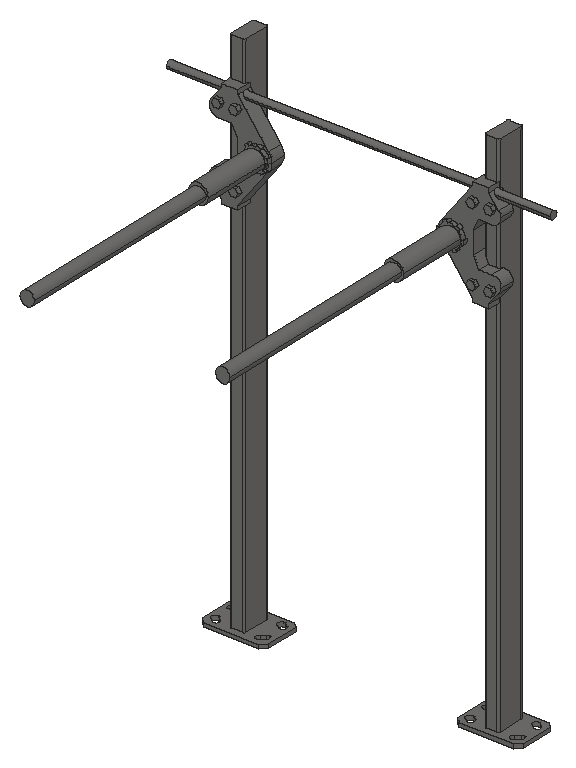
Revit family "Lav-Carrier-Josam-Floor Mounted-17100", category Plumbing Fixtures, Revit 2012
Parameters (values of type "Concealed Arm")
  Width = 2' - 2"  # constant formula
  Unit = Metal - Josam - Anodized- Dark Bronze Satin
  URL = "http://www.josam.com/catalog/JOS/pl=C/17100"
  Product Type = "Concealed Arm"  # constant formula
  Product Page URL = "http://www.josam.com/catalog/line/C"
  Product Line = "Josam"  # constant formula
  Model = "17100"  # constant formula
  Manufacturer Toll Free Phone = "800-365-6726"  # constant formula
  Manufacturer Phone = "800-365-6726"  # constant formula
  Manufacturer Fax = "800-627-0008"  # constant formula
  Manufacturer Email = "custserv@josam.com"
  Manufacturer Address = "525 W. US Hwy 20, Michigan City, IN 46360"  # constant formula
  Manufacturer = "Josam Company"  # constant formula
  Description = "Fixture Carrier - Concealed Arm"  # constant formula
  Default Elevation = 4' - 0"
  Subcategory = "Fixture Carrier"  # constant formula
  Assembly Code = ""
  95 CSI = ""
  04 CSI = "22 40 00"  # constant formula
Reference planes (in)
  plane 1 "Center (Front/Back)": y = 0
  plane 2: z = 0
  plane 3 "Center (Left/Right)": x = 0
  plane 4: x = 13
  plane 5: x = -13
  plane 6: x = -8.63
Dimensions and locks (in)
  equal spacing: plane 5, plane 3 "Center (Left/Right)", plane 4
  "Width": plane 5 to plane 4
  aligned and locked: plane 1 "Center (Front/Back)" to nested 1
  aligned and locked: plane 3 "Center (Left/Right)" to nested 1
  aligned and locked: level to nested 1
Nested families (in)
  nested 1: "17100" at (0, 0, 0), type "17100"
Definition of nested family "17100"
  Parameters (values of type "17100")
    Unit = Metal - Josam - Anodized- Dark Bronze Satin
  Reference planes (in)
    plane 1 "Center (Front/Back)": y = 0
    plane 2: z = 0
    plane 3 "Center (Left/Right)": x = 0
    plane 4: x = 13
    plane 5: x = -13
    plane 6: x = -8.63
  Forms (in)
    Extrusion 1, solid, material "Metal - Josam - Anodized- Dark Bronze Satin" <- "Unit"
      sketch origin (0, 0, 0) x (1, 0, 0) y (0, 1, 0)
        loop
          line (-6.38, -0.31027) -> (-6.38, 1.91027) -> (-6.76973, 2.3) -> (-10.49027, 2.3) -> (-10.88, 1.91027) -> (-10.88, -0.31027) -> (-10.49027, -0.7) -> (-6.76973, -0.7) -> (-6.38, -0.31027)
        loop
          line (6.38, -0.31027) -> (6.76973, -0.7) -> (10.49027, -0.7) -> (10.88, -0.31027) -> (10.88, 1.91027) -> (10.49027, 2.3) -> (6.76973, 2.3) -> (6.38, 1.91027) -> (6.38, -0.31027)
        loop
          arc (-10.51809, 1.70386) -> (-10.54891, 1.35165) -> (-10.1967, 1.32084) r 0.25
          line (-10.1967, 1.32084) -> (-9.93244, 1.54258)
          arc (-9.93244, 1.54258) -> (-9.90163, 1.89479) -> (-10.25383, 1.9256) r 0.25
          line (-10.25383, 1.9256) -> (-10.51809, 1.70386)
        loop
          line (-6.74191, 1.70386) -> (-7.00617, 1.9256)
          arc (-7.00617, 1.9256) -> (-7.35837, 1.89479) -> (-7.32756, 1.54258) r 0.25
          line (-7.32756, 1.54258) -> (-7.0633, 1.32084)
          arc (-7.0633, 1.32084) -> (-6.71109, 1.35165) -> (-6.74191, 1.70386) r 0.25
        loop
          line (-10.51809, -0.10384) -> (-10.25383, -0.32558)
          arc (-10.25383, -0.32558) -> (-9.90163, -0.29477) -> (-9.93244, 0.05744) r 0.25
          line (-9.93244, 0.05744) -> (-10.1967, 0.27918)
          arc (-10.1967, 0.27918) -> (-10.54891, 0.24837) -> (-10.51809, -0.10384) r 0.25
        loop
          arc (-6.74191, -0.10384) -> (-6.71109, 0.24837) -> (-7.0633, 0.27918) r 0.25
          line (-7.0633, 0.27918) -> (-7.32756, 0.05744)
          arc (-7.32756, 0.05744) -> (-7.35837, -0.29477) -> (-7.00617, -0.32558) r 0.25
          line (-7.00617, -0.32558) -> (-6.74191, -0.10384)
        loop
          line (10.51809, 1.70386) -> (10.25383, 1.9256)
          arc (10.25383, 1.9256) -> (9.90163, 1.89479) -> (9.93244, 1.54258) r 0.25
          line (9.93244, 1.54258) -> (10.1967, 1.32084)
          arc (10.1967, 1.32084) -> (10.54891, 1.35165) -> (10.51809, 1.70386) r 0.25
        loop
          arc (6.74191, 1.70386) -> (6.71109, 1.35165) -> (7.0633, 1.32084) r 0.25
          line (7.0633, 1.32084) -> (7.32756, 1.54258)
          arc (7.32756, 1.54258) -> (7.35837, 1.89479) -> (7.00617, 1.9256) r 0.25
          line (7.00617, 1.9256) -> (6.74191, 1.70386)
        loop
          arc (10.51809, -0.10384) -> (10.54891, 0.24837) -> (10.1967, 0.27918) r 0.25
          line (10.1967, 0.27918) -> (9.93244, 0.05744)
          arc (9.93244, 0.05744) -> (9.90163, -0.29477) -> (10.25383, -0.32558) r 0.25
          line (10.25383, -0.32558) -> (10.51809, -0.10384)
        loop
          line (6.74191, -0.10384) -> (7.00617, -0.32558)
          arc (7.00617, -0.32558) -> (7.35837, -0.29477) -> (7.32756, 0.05744) r 0.25
          line (7.32756, 0.05744) -> (7.0633, 0.27918)
          arc (7.0633, 0.27918) -> (6.71109, 0.24837) -> (6.74191, -0.10384) r 0.25
      from 0 to 0.25
    Extrusion 2, solid, material "Metal - Josam - Anodized- Dark Bronze Satin" <- "Unit"
      sketch origin (0, 0, 0) x (1, 0, 0) y (0, 1, 0)
        loop
          line (-8.2706, 1.8) -> (-8.98937, 1.8)
          arc (-8.98937, 1.8) -> (-9.08881, 1.75881) -> (-9.13, 1.65938) r 0.14063
          line (-9.13, 1.65938) -> (-9.13, -0.05937)
          arc (-9.13, -0.05937) -> (-9.08881, -0.15881) -> (-8.98937, -0.2) r 0.14063
          line (-8.98937, -0.2) -> (-8.27062, -0.2)
          arc (-8.27062, -0.2) -> (-8.17119, -0.15881) -> (-8.13, -0.05937) r 0.14063
          line (-8.13, -0.05937) -> (-8.13, 1.6594)
          arc (-8.13, 1.6594) -> (-8.17118, 1.75882) -> (-8.2706, 1.8) r 0.1406
        loop
          arc (8.2706, 1.8) -> (8.17118, 1.75882) -> (8.13, 1.6594) r 0.1406
          line (8.13, 1.6594) -> (8.13, -0.05937)
          arc (8.13, -0.05937) -> (8.17119, -0.15881) -> (8.27063, -0.2) r 0.14063
          line (8.27063, -0.2) -> (8.98938, -0.2)
          arc (8.98938, -0.2) -> (9.08881, -0.15881) -> (9.13, -0.05937) r 0.14063
          line (9.13, -0.05937) -> (9.13, 1.65938)
          arc (9.13, 1.65938) -> (9.08881, 1.75881) -> (8.98938, 1.8) r 0.14063
          line (8.98938, 1.8) -> (8.2706, 1.8)
      from 0.25 to 36.25
    Extrusion 3, solid, material "Metal - Josam - Anodized- Dark Bronze Satin" <- "Unit"
      sketch origin (0, 0, 0) x (1, 0, 0) y (0, 0, 1)
        loop
          line (-5.83241, 30.5832) -> (-7.94, 33.37) -> (-7.94, 33.63) -> (-9.07, 33.63) -> (-9.07, 33.37) -> (-9.74129, 32.51634)
          arc (-9.74129, 32.51634) -> (-9.81218, 31.8569) -> (-9.25, 31.505) r 0.625
          line (-9.25, 31.505) -> (-8.37, 31.505) -> (-8, 30.72) -> (-8, 29.24) -> (-8.37, 28.455) -> (-9.25, 28.455)
          arc (-9.25, 28.455) -> (-9.81218, 28.1031) -> (-9.74129, 27.44366) r 0.625
          line (-9.74129, 27.44366) -> (-9.07, 26.59) -> (-9.07, 26.33) -> (-7.94, 26.33) -> (-7.94, 26.59) -> (-5.83241, 29.3768)
          arc (-5.83241, 29.3768) -> (-5.68195, 29.66187) -> (-5.63, 29.98) r 1
          arc (-5.63, 29.98) -> (-5.68195, 30.29813) -> (-5.83241, 30.5832) r 1
        loop
          line (7.94, 33.37) -> (5.83241, 30.5832)
          arc (5.83241, 30.5832) -> (5.63, 29.98) -> (5.83241, 29.3768) r 1
          line (5.83241, 29.3768) -> (7.94, 26.59) -> (7.94, 26.33) -> (9.07, 26.33) -> (9.07, 26.59) -> (9.74129, 27.44366)
          arc (9.74129, 27.44366) -> (9.84063, 27.62559) -> (9.875, 27.83) r 0.625
          arc (9.875, 27.83) -> (9.69194, 28.27194) -> (9.25, 28.455) r 0.625
          line (9.25, 28.455) -> (8.37, 28.455) -> (8, 29.24) -> (8, 30.72) -> (8.37, 31.505) -> (9.25, 31.505)
          arc (9.25, 31.505) -> (9.69194, 31.68806) -> (9.875, 32.13) r 0.625
          arc (9.875, 32.13) -> (9.84063, 32.33441) -> (9.74129, 32.51634) r 0.625
          line (9.74129, 32.51634) -> (9.07, 33.37) -> (9.07, 33.63) -> (7.94, 33.63) -> (7.94, 33.37)
      from 0 to 0.98
    Extrusion 4, solid, material "Metal - Josam - Anodized- Dark Bronze Satin" <- "Unit"
      sketch origin (0, 0, 0) x (1, 0, 0) y (0, 0, 1)
        loop
          circle (-6.63107, 29.98339) r 0.66549
        loop
          circle (6.63107, 29.98339) r 0.66549
      from 0.98 to 5.98
    Extrusion 5, solid, material "Metal - Josam - Anodized- Dark Bronze Satin" <- "Unit"
      sketch origin (0, 0, 0) x (1, 0, 0) y (0, 0, 1)
        loop
          circle (-6.63107, 29.98339) r 0.48077
        loop
          circle (6.63107, 29.98339) r 0.48077
      from 5.98 to 20.48
    Extrusion 6, solid, material "Metal - Josam - Anodized- Dark Bronze Satin" <- "Unit"
      sketch origin (0, 0, 0) x (0, 1, 0) y (0, 0, 1)
        loop
          circle (-0.4507, 33.16085) r 0.25
      from -13 to 13
    Extrusion 7, solid, material "Metal - Josam - Anodized- Dark Bronze Satin" <- "Unit", detail levels fine
      sketch origin (0, 0, 0) x (1, 0, 0) y (0, 0, 1)
        loop
          line (-8.9076, 32.4848) -> (-9.06465, 32.75682) -> (-9.37875, 32.75682) -> (-9.53579, 32.4848) -> (-9.37875, 32.21279) -> (-9.06465, 32.21279) -> (-8.9076, 32.4848)
      from 0.98 to 1.24906
    Extrusion 8, solid, material "Metal - Josam - Anodized- Dark Bronze Satin" <- "Unit", detail levels fine
      sketch origin (-17.26, 0, 0) x (-1, 0, 0) y (0, 0, -1)
        loop
          line (-8.9076, -32.4848) -> (-9.06465, -32.21279) -> (-9.37875, -32.21279) -> (-9.53579, -32.4848) -> (-9.37875, -32.75682) -> (-9.06465, -32.75682) -> (-8.9076, -32.4848)
      from 0.98 to 1.24906
    Extrusion 9, solid, material "Metal - Josam - Anodized- Dark Bronze Satin" <- "Unit", detail levels fine
      sketch origin (0, 0, -5) x (1, 0, 0) y (0, 0, 1)
        loop
          line (-8.9076, 32.4848) -> (-9.06465, 32.75682) -> (-9.37875, 32.75682) -> (-9.53579, 32.4848) -> (-9.37875, 32.21279) -> (-9.06465, 32.21279) -> (-8.9076, 32.4848)
      from 0.98 to 1.24906
    Extrusion 10, solid, material "Metal - Josam - Anodized- Dark Bronze Satin" <- "Unit", detail levels fine
      sketch origin (-17.26, 0, -5) x (-1, 0, 0) y (0, 0, -1)
        loop
          line (-8.9076, -32.4848) -> (-9.06465, -32.21279) -> (-9.37875, -32.21279) -> (-9.53579, -32.4848) -> (-9.37875, -32.75682) -> (-9.06465, -32.75682) -> (-8.9076, -32.4848)
      from 0.98 to 1.24906
    Extrusion 11, solid, material "Metal - Josam - Anodized- Dark Bronze Satin" <- "Unit", detail levels fine
      sketch origin (0, 0, 0) x (-1, 0, 0) y (0, 0, -1)
        loop
          line (-8.9076, -32.4848) -> (-9.06465, -32.21279) -> (-9.37875, -32.21279) -> (-9.53579, -32.4848) -> (-9.37875, -32.75682) -> (-9.06465, -32.75682) -> (-8.9076, -32.4848)
      from 0.98 to 1.24906
    Extrusion 12, solid, material "Metal - Josam - Anodized- Dark Bronze Satin" <- "Unit", detail levels fine
      sketch origin (17.26, 0, 0) x (1, 0, 0) y (0, 0, 1)
        loop
          line (-8.9076, 32.4848) -> (-9.06465, 32.75682) -> (-9.37875, 32.75682) -> (-9.53579, 32.4848) -> (-9.37875, 32.21279) -> (-9.06465, 32.21279) -> (-8.9076, 32.4848)
      from 0.98 to 1.24906
    Extrusion 13, solid, material "Metal - Josam - Anodized- Dark Bronze Satin" <- "Unit", detail levels fine
      sketch origin (0, 0, -5) x (-1, 0, 0) y (0, 0, -1)
        loop
          line (-8.9076, -32.4848) -> (-9.06465, -32.21279) -> (-9.37875, -32.21279) -> (-9.53579, -32.4848) -> (-9.37875, -32.75682) -> (-9.06465, -32.75682) -> (-8.9076, -32.4848)
      from 0.98 to 1.24906
    Extrusion 14, solid, material "Metal - Josam - Anodized- Dark Bronze Satin" <- "Unit", detail levels fine
      sketch origin (17.26, 0, -5) x (1, 0, 0) y (0, 0, 1)
        loop
          line (-8.9076, 32.4848) -> (-9.06465, 32.75682) -> (-9.37875, 32.75682) -> (-9.53579, 32.4848) -> (-9.37875, 32.21279) -> (-9.06465, 32.21279) -> (-8.9076, 32.4848)
      from 0.98 to 1.24906
    Extrusion 15, solid, material "Metal - Josam - Anodized- Dark Bronze Satin" <- "Unit", detail levels fine
      sketch origin (0, 0, 0) x (1, 0, 0) y (0, 0, 1)
        loop
          arc (-7.20965, 30.52192) -> (-7.35819, 30.27953) -> (-7.41, 30) r 0.78
          line (-7.41, 30) -> (-7.5455, 30)
          arc (-7.5455, 30) -> (-7.53423, 29.85678) -> (-7.50069, 29.7171) r 0.9155
          line (-7.50069, 29.7171) -> (-7.37182, 29.75897)
          arc (-7.37182, 29.75897) -> (-7.23617, 29.50913) -> (-7.02, 29.3245) r 0.78
          line (-7.02, 29.3245) -> (-7.08775, 29.20715)
          arc (-7.08775, 29.20715) -> (-6.96986, 29.14992) -> (-6.845, 29.1101) r 0.9155
          line (-6.845, 29.1101) -> (-6.79221, 29.23705)
          arc (-6.79221, 29.23705) -> (-6.508, 29.2296) -> (-6.24, 29.3245) r 0.78
          line (-6.24, 29.3245) -> (-6.17225, 29.20715)
          arc (-6.17225, 29.20715) -> (-6.05386, 29.28852) -> (-5.94965, 29.38741) r 0.9155
          line (-5.94965, 29.38741) -> (-6.04562, 29.48338)
          arc (-6.04562, 29.48338) -> (-5.90054, 29.72379) -> (-5.85, 30) r 0.78
          line (-5.85, 30) -> (-5.7145, 30)
          arc (-5.7145, 30) -> (-5.72577, 30.14322) -> (-5.75931, 30.28291) r 0.9155
          line (-5.75931, 30.28291) -> (-5.88794, 30.24106)
          arc (-5.88794, 30.24106) -> (-6.02366, 30.49096) -> (-6.23995, 30.67559) r 0.77997
          line (-6.23995, 30.67559) -> (-6.17225, 30.79285)
          arc (-6.17225, 30.79285) -> (-6.30169, 30.85461) -> (-6.43918, 30.89539) r 0.9155
          line (-6.43918, 30.89539) -> (-6.4711, 30.7635)
          arc (-6.4711, 30.7635) -> (-6.75338, 30.76949) -> (-7.01929, 30.6746) r 0.77993
          line (-7.01929, 30.6746) -> (-7.08775, 30.79285)
          arc (-7.08775, 30.79285) -> (-7.20614, 30.71148) -> (-7.31035, 30.61259) r 0.9155
          line (-7.31035, 30.61259) -> (-7.20965, 30.52192)
        loop
          circle (-6.63107, 29.98339) r 0.66549
      from 0.98 to 1.24906
    Extrusion 16, solid, material "Metal - Josam - Anodized- Dark Bronze Satin" <- "Unit", detail levels fine
      sketch origin (0, 0, 0) x (-1, 0, 0) y (0, 0, -1)
        loop
          line (-7.20965, -30.52192) -> (-7.31035, -30.61259)
          arc (-7.31035, -30.61259) -> (-7.20614, -30.71148) -> (-7.08775, -30.79285) r 0.9155
          line (-7.08775, -30.79285) -> (-7.01929, -30.6746)
          arc (-7.01929, -30.6746) -> (-6.75338, -30.76949) -> (-6.4711, -30.7635) r 0.77993
          line (-6.4711, -30.7635) -> (-6.43918, -30.89539)
          arc (-6.43918, -30.89539) -> (-6.30169, -30.85461) -> (-6.17225, -30.79285) r 0.9155
          line (-6.17225, -30.79285) -> (-6.23995, -30.67559)
          arc (-6.23995, -30.67559) -> (-6.02366, -30.49096) -> (-5.88794, -30.24106) r 0.77997
          line (-5.88794, -30.24106) -> (-5.75931, -30.28291)
          arc (-5.75931, -30.28291) -> (-5.72577, -30.14322) -> (-5.7145, -30) r 0.9155
          line (-5.7145, -30) -> (-5.85, -30)
          arc (-5.85, -30) -> (-5.90054, -29.72379) -> (-6.04562, -29.48338) r 0.78
          line (-6.04562, -29.48338) -> (-5.94965, -29.38741)
          arc (-5.94965, -29.38741) -> (-6.05386, -29.28852) -> (-6.17225, -29.20715) r 0.9155
          line (-6.17225, -29.20715) -> (-6.24, -29.3245)
          arc (-6.24, -29.3245) -> (-6.508, -29.2296) -> (-6.79221, -29.23705) r 0.78
          line (-6.79221, -29.23705) -> (-6.845, -29.1101)
          arc (-6.845, -29.1101) -> (-6.96986, -29.14992) -> (-7.08775, -29.20715) r 0.9155
          line (-7.08775, -29.20715) -> (-7.02, -29.3245)
          arc (-7.02, -29.3245) -> (-7.23617, -29.50913) -> (-7.37182, -29.75897) r 0.78
          line (-7.37182, -29.75897) -> (-7.50069, -29.7171)
          arc (-7.50069, -29.7171) -> (-7.53423, -29.85678) -> (-7.5455, -30) r 0.9155
          line (-7.5455, -30) -> (-7.41, -30)
          arc (-7.41, -30) -> (-7.35819, -30.27953) -> (-7.20965, -30.52192) r 0.78
        loop
          circle (-6.63107, -29.98339) r 0.66549
      from 0.98 to 1.24906
  Cuts and joins
    joined: Extrusion 3, Extrusion 4, Extrusion 6
  Lines and regions (in)
    symbolic lines
      curve 1: line (-5.83241, 0, 30.5832) -> (-7.94, 0, 33.37)
      curve 2: line (-7.94, 0, 33.37) -> (-7.94, 0, 33.63)
      curve 3: line (-7.94, 0, 33.63) -> (-9.07, 0, 33.63)
      curve 4: line (-9.07, 0, 33.63) -> (-9.07, 0, 33.37)
      curve 5: line (-9.07, 0, 33.37) -> (-9.74129, 0, 32.51634)
      curve 6: arc (-9.74129, 0, 32.51634) -> (-9.81218, 0, 31.8569) -> (-9.25, 0, 31.505) r 0.625
      curve 7: line (-9.25, 0, 31.505) -> (-8.37, 0, 31.505)
      curve 8: line (-8.37, 0, 31.505) -> (-8, 0, 30.72)
      curve 9: line (-8, 0, 30.72) -> (-8, 0, 29.24)
      curve 10: line (-8, 0, 29.24) -> (-8.37, 0, 28.455)
      curve 11: line (-8.37, 0, 28.455) -> (-9.25, 0, 28.455)
      curve 12: arc (-9.25, 0, 28.455) -> (-9.81218, 0, 28.1031) -> (-9.74129, 0, 27.44366) r 0.625
      curve 13: line (-9.74129, 0, 27.44366) -> (-9.07, 0, 26.59)
      curve 14: line (-9.07, 0, 26.59) -> (-9.07, 0, 26.33)
      curve 15: line (-9.07, 0, 26.33) -> (-7.94, 0, 26.33)
      curve 16: line (-7.94, 0, 26.33) -> (-7.94, 0, 26.59)
      curve 17: line (-7.94, 0, 26.59) -> (-5.83241, 0, 29.3768)
      curve 18: arc (-5.83241, 0, 29.3768) -> (-5.68195, 0, 29.66187) -> (-5.63, 0, 29.98) r 1
      curve 19: arc (-5.63, 0, 29.98) -> (-5.68195, 0, 30.29813) -> (-5.83241, 0, 30.5832) r 1
      curve 20: line (-9.13, 0, 36.25) -> (-9.13, 0, 33.41085)
      curve 21: line (-8.13, 0, 33.63) -> (-8.13, 0, 36.25)
      curve 22: line (-8.13, 0, 36.25) -> (-9.13, 0, 36.25)
      curve 23: line (-13, 0, 33.41085) -> (-9.07, 0, 33.41085)
      curve 24: line (-13, 0, 32.91085) -> (-9.43106, 0, 32.91085)
      curve 25: line (-13, 0, 32.91085) -> (-13, 0, 33.41085)
      curve 26: line (-7.94, 0, 33.41085) -> (7.94, 0, 33.41085)
      curve 27: line (7.58927, 0, 32.90624) -> (-7.58927, 0, 32.90624)
      curve 28: line (9.13, 0, 33.41085) -> (13, 0, 33.41085)
      curve 29: line (13, 0, 33.41085) -> (13, 0, 32.91085)
      curve 30: line (13, 0, 32.91085) -> (9.43106, 0, 32.91085)
      curve 31: line (9.13, 0, 36.25) -> (9.13, 0, 33.41085)
      curve 32: line (8.13, 0, 33.63) -> (8.13, 0, 36.25)
      curve 33: line (8.13, 0, 36.25) -> (9.13, 0, 36.25)
      curve 34: line (7.94, 0, 33.37) -> (5.83241, 0, 30.5832)
      curve 35: arc (5.83241, 0, 30.5832) -> (5.63, 0, 29.98) -> (5.83241, 0, 29.3768) r 1
      curve 36: line (5.83241, 0, 29.3768) -> (7.94, 0, 26.59)
      curve 37: line (7.94, 0, 26.59) -> (7.94, 0, 26.33)
      curve 38: line (7.94, 0, 26.33) -> (9.07, 0, 26.33)
      curve 39: line (9.07, 0, 26.33) -> (9.07, 0, 26.59)
      curve 40: line (9.07, 0, 26.59) -> (9.74129, 0, 27.44366)
      curve 41: arc (9.74129, 0, 27.44366) -> (9.84063, 0, 27.62559) -> (9.875, 0, 27.83) r 0.625
      curve 42: arc (9.875, 0, 27.83) -> (9.69194, 0, 28.27194) -> (9.25, 0, 28.455) r 0.625
      curve 43: line (9.25, 0, 28.455) -> (8.37, 0, 28.455)
      curve 44: line (8.37, 0, 28.455) -> (8, 0, 29.24)
      curve 45: line (8, 0, 29.24) -> (8, 0, 30.72)
      curve 46: line (8, 0, 30.72) -> (8.37, 0, 31.505)
      curve 47: line (8.37, 0, 31.505) -> (9.25, 0, 31.505)
      curve 48: arc (9.25, 0, 31.505) -> (9.69194, 0, 31.68806) -> (9.875, 0, 32.13) r 0.625
      curve 49: arc (9.875, 0, 32.13) -> (9.84063, 0, 32.33441) -> (9.74129, 0, 32.51634) r 0.625
      curve 50: line (9.74129, 0, 32.51634) -> (9.07, 0, 33.37)
      curve 51: line (9.07, 0, 33.37) -> (9.07, 0, 33.63)
      curve 52: line (9.07, 0, 33.63) -> (7.94, 0, 33.63)
      curve 53: line (7.94, 0, 33.63) -> (7.94, 0, 33.37)
      curve 102: arc (5.96559, 0, 29.98339) -> (6.63107, 0, 29.3179) -> (7.29656, 0, 29.98339) r 0.66549
      curve 103: arc (7.29656, 0, 29.98339) -> (6.63107, 0, 30.64888) -> (5.96559, 0, 29.98339) r 0.66549
      curve 104: arc (6.1503, 0, 29.98339) -> (6.63107, 0, 29.50262) -> (7.11184, 0, 29.98339) r 0.48077
      curve 105: arc (7.11184, 0, 29.98339) -> (6.63107, 0, 30.46416) -> (6.1503, 0, 29.98339) r 0.48077
      curve 142: arc (-7.29656, 0, 29.98339) -> (-6.63107, 0, 30.64888) -> (-5.96559, 0, 29.98339) r 0.66549
      curve 143: arc (-5.96559, 0, 29.98339) -> (-6.63107, 0, 29.3179) -> (-7.29656, 0, 29.98339) r 0.66549
      curve 144: arc (-6.1503, 0, 29.98339) -> (-6.63107, 0, 30.46416) -> (-7.11184, 0, 29.98339) r 0.48077
      curve 145: arc (-7.11184, 0, 29.98339) -> (-6.63107, 0, 29.50262) -> (-6.1503, 0, 29.98339) r 0.48077
      curve 158: line (-9.13, 0, 28.455) -> (-9.13, 0, 31.455)
      curve 159: line (-8.13, 0, 28.96419) -> (-8.13, 0, 30.99581)
      curve 160: line (9.13066, 0, 26.66714) -> (9.13066, 0, 0.25673)
      curve 161: line (8.13, 0, 0.25) -> (8.13, 0, 26.33)
      curve 162: line (6.38, 0, 0.25) -> (10.88, 0, 0.25)
      curve 163: line (6.38, 0, 0) -> (6.38, 0, 0.25)
      curve 164: line (10.88, 0, 0) -> (6.38, 0, 0)
      curve 165: line (10.88, 0, 0.25) -> (10.88, 0, 0)
      curve 166: line (10.49027, 0, 0) -> (10.49027, 0, 0.25)
      curve 167: line (6.76973, 0, 0) -> (6.76973, 0, 0.25)
      curve 168: line (-10.88, 0, 0.25) -> (-6.38, 0, 0.25)
      curve 169: line (-10.88, 0, 0) -> (-10.88, 0, 0.25)
      curve 170: line (-6.38, 0, 0) -> (-10.88, 0, 0)
      curve 171: line (-6.38, 0, 0.25) -> (-6.38, 0, 0)
      curve 172: line (-9.13066, 0, 26.66714) -> (-9.13066, 0, 0.25673)
      curve 173: line (-8.13, 0, 0.25) -> (-8.13, 0, 26.33)
      curve 174: line (-10.49027, 0, 0) -> (-10.49027, 0, 0.25)
      curve 175: line (-6.76973, 0, 0) -> (-6.76973, 0, 0.25)
      curve 176: line (0, -20.48, 29.50262) -> (0, -5.98, 29.50262)
      curve 177: line (0, -20.48, 30.46416) -> (0, -20.48, 29.50262)
      curve 178: line (0, -5.98, 30.46416) -> (0, -20.48, 30.46416)
      curve 179: line (0, -1.24906, 29.31766) -> (0, -5.98, 29.31766)
      curve 181: line (0, -5.98, 30.64888) -> (0, -1.24906, 30.64888)
      curve 182: line (0, -5.98, 29.31766) -> (0, -5.98, 30.64888)
      curve 185: line (0, 0, 33.63) -> (0, -0.98, 33.63)
      curve 186: line (0, -0.98, 33.63) -> (0, -0.98, 26.33)
      curve 187: line (0, -0.98, 26.33) -> (0, -0.17459, 26.33)
      curve 188: line (0, 1.8, 36.25) -> (0, -0.2, 36.25)
      curve 189: line (0, 1.8, 36.25) -> (0, 1.8, 0.25)
      curve 190: line (0, 2.3, 0) -> (0, 2.3, 0.25)
      curve 191: line (0, 2.3, 0.25) -> (0, -0.7, 0.25)
      curve 192: line (0, -0.7, 0.25) -> (0, -0.7, 0)
      curve 193: line (0, -0.32558, 0) -> (0, -0.32558, 0.25)
      curve 194: line (0, 1.91027, 0) -> (0, 1.91027, 0.25)
      curve 195: line (0, -0.2, 0.25) -> (0, -0.2, 26.33)
      curve 196: line (0, -0.17459, 26.33) -> (0, -0.17459, 26.59)
      curve 197: line (0, -0.17459, 26.59) -> (0, -0.98, 26.59)
      curve 198: spline (0, -0.06608, 26.6663) -> (0, -0.07845, 26.66401) -> (0, -0.0905, 26.66084) -> (0, -0.10213, 26.65681) -> (0, -0.11324, 26.65195) -> (0, -0.12374, 26.64632) -> (0, -0.13354, 26.63996) -> (0, -0.14255, 26.63291) -> (0, -0.15071, 26.62525) -> (0, -0.15793, 26.61703) -> (0, -0.16417, 26.60832) -> (0, -0.16936, 26.5992) -> (0, -0.17346, 26.58974)
      curve 199: line (0, 0, 26.6663) -> (0, -0.06608, 26.6663)
      curve 200: line (0, 0, 26.6663) -> (0, 0, 33.63)
      curve 201: line (0, 0, 28.455) -> (0, -0.98, 28.455)
      curve 202: line (0, -0.2, 28.455) -> (0, -0.2, 31.505)
      curve 203: line (0, -0.2, 29.24) -> (0, -0.98, 29.24)
      curve 204: line (0, -0.98, 30.67559) -> (0, -0.2, 30.67559)
      curve 205: arc (0, -0.7007, 33.16085) -> (0, -0.2007, 33.16086) -> (0, -0.7007, 33.16085) r 0.25
      curve 206: line (0, -0.98, 31.505) -> (0, 0, 31.505)
      curve 207: line (0, -0.17459, 33.63) -> (0, -0.17459, 33.3735)
      curve 208: spline (0, -0.17459, 33.3735) -> (0, -0.17074, 33.36369) -> (0, -0.16573, 33.3542) -> (0, -0.1596, 33.34513) -> (0, -0.15241, 33.33655) -> (0, -0.14422, 33.32855) -> (0, -0.13511, 33.32118) -> (0, -0.12516, 33.31453) -> (0, -0.11445, 33.30864) -> (0, -0.10309, 33.30357) -> (0, -0.09116, 33.29937) -> (0, -0.07879, 33.29607) -> (0, -0.06608, 33.2937)
      curve 209: line (0, -0.06608, 33.2937) -> (0, 0, 33.2937)
      curve 210: line (0, -0.17459, 33.37) -> (0, -0.31374, 33.37)
      curve 211: line (0, -0.58766, 33.37) -> (0, -0.98, 33.37)
      curve 212: line (0, -0.2, 33.63) -> (0, -0.2, 36.25)
      curve 227: line (-6.76973, 2.3, 0) -> (-10.49027, 2.3, 0)
      curve 228: line (-10.49027, 2.3, 0) -> (-10.88, 1.91027, 0)
      curve 229: line (-10.88, 1.91027, 0) -> (-10.88, -0.2007, 0)
      curve 230: line (-9.93244, 1.54258, 0) -> (-10.1967, 1.32084, 0)
      curve 231: arc (-10.1967, 1.32084, 0) -> (-10.54891, 1.35165, 0) -> (-10.51809, 1.70386, 0) r 0.25
      curve 232: line (-10.51809, 1.70386, 0) -> (-10.25383, 1.9256, 0)
      curve 233: arc (-10.25383, 1.9256, 0) -> (-9.90163, 1.89479, 0) -> (-9.93244, 1.54258, 0) r 0.25
      curve 234: line (-7.0633, 1.32084, 0) -> (-7.32756, 1.54258, 0)
      curve 235: arc (-7.32756, 1.54258, 0) -> (-7.35837, 1.89479, 0) -> (-7.00617, 1.9256, 0) r 0.25
      curve 236: line (-7.00617, 1.9256, 0) -> (-6.74191, 1.70386, 0)
      curve 237: arc (-6.74191, 1.70386, 0) -> (-6.71109, 1.35165, 0) -> (-7.0633, 1.32084, 0) r 0.25
      curve 238: line (-8.13, -0.05937, 0) -> (-8.13, 1.6594, 0)
      curve 239: arc (-8.13, 1.6594, 0) -> (-8.17118, 1.75882, 0) -> (-8.2706, 1.8, 0) r 0.1406
      curve 240: line (-8.2706, 1.8, 0) -> (-8.98937, 1.8, 0)
      curve 241: arc (-8.98937, 1.8, 0) -> (-9.08881, 1.75881, 0) -> (-9.13, 1.65938, 0) r 0.14063
      curve 242: line (-9.13, 1.65938, 0) -> (-9.13, -0.05937, 0)
      curve 243: arc (-9.13, -0.05937, 0) -> (-9.08881, -0.15881, 0) -> (-8.98937, -0.2, 0) r 0.14063
      curve 244: line (-8.98937, -0.2, 0) -> (-8.27062, -0.2, 0)
      curve 245: arc (-8.27062, -0.2, 0) -> (-8.17119, -0.15881, 0) -> (-8.13, -0.05937, 0) r 0.14063
      curve 246: line (-10.1967, 0.27918, 0) -> (-9.93244, 0.05744, 0)
      curve 247: arc (-10.51809, -0.10384, 0) -> (-10.54891, 0.24837, 0) -> (-10.1967, 0.27918, 0) r 0.25
      curve 248: line (-10.40266, -0.2007, 0) -> (-10.51809, -0.10384, 0)
      curve 249: line (-13, -0.2007, 0) -> (-9.07, -0.2007, 0)
      curve 250: line (-9.875, -0.01194, 0) -> (-9.875, -0.2007, 0)
      curve 251: arc (-9.93244, 0.05744, 0) -> (-9.90057, 0.02536, 0) -> (-9.875, -0.01194, 0) r 0.25
      curve 252: line (-13, -0.7007, 0) -> (-9.07, -0.7007, 0)
      curve 253: line (-9.07, -0.17459, 0) -> (-9.07, -0.98, 0)
      curve 254: line (-7.94, -0.98, 0) -> (-7.94, 0, 0)
      curve 255: line (-9.875, -0.98, 0) -> (9.875, -0.98, 0)
      curve 256: line (-9.13, 0, 0) -> (-9.88213, 0, 0)
      curve 257: line (-8.13, 0, 0) -> (-5.63, 0, 0)
      curve 258: line (-5.63, 0, 0) -> (-5.63, -0.20848, 0)
      curve 259: line (-5.63, -0.98, 0) -> (-5.63, -0.73, 0)
      curve 260: line (-7.94, -0.20108, 0) -> (7.94, -0.20108, 0)
      curve 261: line (7.94, -0.70031, 0) -> (-7.94, -0.70031, 0)
      curve 262: line (-9.875, -0.98, 0) -> (-9.875, -0.7007, 0)
      curve 285: line (-6.1503, -5.98, 0) -> (-7.29656, -5.98, 0)
      curve 286: line (-6.1503, -20.48, 0) -> (-6.1503, -5.98, 0)
      curve 287: line (-7.11184, -20.48, 0) -> (-6.1503, -20.48, 0)
      curve 288: line (-7.11184, -5.98, 0) -> (-7.11184, -20.48, 0)
      curve 289: line (-7.29656, -5.98, 0) -> (-7.29656, -1.24906, 0)
      curve 290: line (-5.96559, -5.98, 0) -> (-5.96559, -1.24906, 0)
      curve 291: line (-7.32756, 0.05744, 0) -> (-7.0633, 0.27918, 0)
      curve 292: arc (-7.0633, 0.27918, 0) -> (-6.75826, 0.2918, 0) -> (-6.66848, 0, 0) r 0.25
      curve 293: arc (-7.37787, 0, 0) -> (-7.35492, 0.03065, 0) -> (-7.32756, 0.05744, 0) r 0.25
      curve 294: line (6.76973, 2.3, 0) -> (10.49027, 2.3, 0)
      curve 295: line (10.49027, 2.3, 0) -> (10.88, 1.91027, 0)
      curve 296: line (10.88, 1.91027, 0) -> (10.88, -0.2007, 0)
      curve 297: line (9.93244, 1.54258, 0) -> (10.1967, 1.32084, 0)
      curve 298: arc (10.1967, 1.32084, 0) -> (10.54891, 1.35165, 0) -> (10.51809, 1.70386, 0) r 0.25
      curve 299: line (10.51809, 1.70386, 0) -> (10.25383, 1.9256, 0)
      curve 300: arc (10.25383, 1.9256, 0) -> (9.90163, 1.89479, 0) -> (9.93244, 1.54258, 0) r 0.25
      curve 301: line (7.0633, 1.32084, 0) -> (7.32756, 1.54258, 0)
      curve 302: arc (7.32756, 1.54258, 0) -> (7.35837, 1.89479, 0) -> (7.00617, 1.9256, 0) r 0.25
      curve 303: line (7.00617, 1.9256, 0) -> (6.74191, 1.70386, 0)
      curve 304: arc (6.74191, 1.70386, 0) -> (6.71109, 1.35165, 0) -> (7.0633, 1.32084, 0) r 0.25
      curve 305: line (8.13, -0.05937, 0) -> (8.13, 1.6594, 0)
      curve 306: arc (8.13, 1.6594, 0) -> (8.17118, 1.75882, 0) -> (8.2706, 1.8, 0) r 0.1406
      curve 307: line (8.2706, 1.8, 0) -> (8.98938, 1.8, 0)
      curve 308: arc (8.98938, 1.8, 0) -> (9.08881, 1.75881, 0) -> (9.13, 1.65938, 0) r 0.14063
      curve 309: line (9.13, 1.65938, 0) -> (9.13, -0.05937, 0)
      curve 310: arc (9.13, -0.05937, 0) -> (9.08881, -0.15881, 0) -> (8.98938, -0.2, 0) r 0.14063
      curve 311: line (8.98938, -0.2, 0) -> (8.27063, -0.2, 0)
      curve 312: arc (8.27063, -0.2, 0) -> (8.17119, -0.15881, 0) -> (8.13, -0.05937, 0) r 0.14063
      curve 313: line (10.1967, 0.27918, 0) -> (9.93244, 0.05744, 0)
      curve 314: arc (10.51809, -0.10384, 0) -> (10.54891, 0.24837, 0) -> (10.1967, 0.27918, 0) r 0.25
      curve 315: line (10.40266, -0.2007, 0) -> (10.51809, -0.10384, 0)
      curve 316: line (13, -0.2007, 0) -> (9.07, -0.2007, 0)
      curve 317: line (9.875, -0.01194, 0) -> (9.875, -0.2007, 0)
      curve 318: arc (9.93244, 0.05744, 0) -> (9.90057, 0.02536, 0) -> (9.875, -0.01194, 0) r 0.25
      curve 319: line (13, -0.7007, 0) -> (9.07, -0.7007, 0)
      curve 320: line (9.07, -0.17459, 0) -> (9.07, -0.98, 0)
      curve 321: line (7.94, -0.98, 0) -> (7.94, 0, 0)
      curve 322: line (9.13, 0, 0) -> (9.88213, 0, 0)
      curve 323: line (8.13, 0, 0) -> (5.63, 0, 0)
      curve 324: line (5.63, 0, 0) -> (5.63, -0.20848, 0)
      curve 325: line (5.63, -0.98, 0) -> (5.63, -0.73, 0)
      curve 326: line (9.875, -0.98, 0) -> (9.875, -0.7007, 0)
      curve 349: line (6.1503, -5.98, 0) -> (7.29656, -5.98, 0)
      curve 350: line (6.1503, -20.48, 0) -> (6.1503, -5.98, 0)
      curve 351: line (7.11184, -20.48, 0) -> (6.1503, -20.48, 0)
      curve 352: line (7.11184, -5.98, 0) -> (7.11184, -20.48, 0)
      curve 353: line (7.29656, -5.98, 0) -> (7.29656, -1.23, 0)
      curve 354: line (5.96559, -5.98, 0) -> (5.96559, -1.24906, 0)
      curve 355: line (7.32756, 0.05744, 0) -> (7.0633, 0.27918, 0)
      curve 356: arc (7.0633, 0.27918, 0) -> (6.75826, 0.2918, 0) -> (6.66848, 0, 0) r 0.25
      curve 357: arc (7.37787, 0, 0) -> (7.35492, 0.03065, 0) -> (7.32756, 0.05744, 0) r 0.25
      curve 358: line (-6.38, 0, 0) -> (-6.38, 1.91027, 0)
      curve 359: line (-6.38, 1.91027, 0) -> (-6.76973, 2.3, 0)
      curve 360: line (6.38, 1.91027, 0) -> (6.38, 0, 0)
      curve 361: line (6.76973, 2.3, 0) -> (6.38, 1.91027, 0)
      curve 368: line (13, -0.2007, 0) -> (13, -0.7007, 0)
      curve 369: line (-13, -0.7007, 0) -> (-13, -0.2007, 0)
    symbolic lines, detail levels fine
      curve 54: line (7.88125, 0, 32.21279) -> (8.19535, 0, 32.21279)
      curve 55: line (8.19535, 0, 32.21279) -> (8.3524, 0, 32.4848)
      curve 56: line (8.3524, 0, 32.4848) -> (8.19535, 0, 32.75682)
      curve 57: line (8.19535, 0, 32.75682) -> (7.88125, 0, 32.75682)
      curve 58: line (7.88125, 0, 32.75682) -> (7.72421, 0, 32.4848)
      curve 59: line (7.72421, 0, 32.4848) -> (7.88125, 0, 32.21279)
      curve 60: line (9.06465, 0, 32.21279) -> (9.37875, 0, 32.21279)
      curve 61: line (9.37875, 0, 32.21279) -> (9.53579, 0, 32.4848)
      curve 62: line (9.53579, 0, 32.4848) -> (9.37875, 0, 32.75682)
      curve 63: line (9.37875, 0, 32.75682) -> (9.06465, 0, 32.75682)
      curve 64: line (9.06465, 0, 32.75682) -> (8.9076, 0, 32.4848)
      curve 65: line (8.9076, 0, 32.4848) -> (9.06465, 0, 32.21279)
      curve 66: line (9.53579, 0, 27.4848) -> (9.37875, 0, 27.75682)
      curve 67: line (9.37875, 0, 27.75682) -> (9.06465, 0, 27.75682)
      curve 68: line (9.06465, 0, 27.75682) -> (8.9076, 0, 27.4848)
      curve 69: line (8.9076, 0, 27.4848) -> (9.06465, 0, 27.21279)
      curve 70: line (9.06465, 0, 27.21279) -> (9.37875, 0, 27.21279)
      curve 71: line (9.37875, 0, 27.21279) -> (9.53579, 0, 27.4848)
      curve 72: line (7.88125, 0, 27.21279) -> (8.19535, 0, 27.21279)
      curve 73: line (8.19535, 0, 27.21279) -> (8.3524, 0, 27.4848)
      curve 74: line (8.3524, 0, 27.4848) -> (8.19535, 0, 27.75682)
      curve 75: line (8.19535, 0, 27.75682) -> (7.88125, 0, 27.75682)
      curve 76: line (7.88125, 0, 27.75682) -> (7.72421, 0, 27.4848)
      curve 77: line (7.72421, 0, 27.4848) -> (7.88125, 0, 27.21279)
      curve 106: line (-9.06465, 0, 27.75682) -> (-9.37875, 0, 27.75682)
      curve 107: line (-9.37875, 0, 27.75682) -> (-9.53579, 0, 27.4848)
      curve 108: line (-9.53579, 0, 27.4848) -> (-9.37875, 0, 27.21279)
      curve 109: line (-9.37875, 0, 27.21279) -> (-9.06465, 0, 27.21279)
      curve 110: line (-9.06465, 0, 27.21279) -> (-8.9076, 0, 27.4848)
      curve 111: line (-8.9076, 0, 27.4848) -> (-9.06465, 0, 27.75682)
      curve 112: line (-7.88125, 0, 27.75682) -> (-8.19535, 0, 27.75682)
      curve 113: line (-8.19535, 0, 27.75682) -> (-8.3524, 0, 27.4848)
      curve 114: line (-8.3524, 0, 27.4848) -> (-8.19535, 0, 27.21279)
      curve 115: line (-8.19535, 0, 27.21279) -> (-7.88125, 0, 27.21279)
      curve 116: line (-7.88125, 0, 27.21279) -> (-7.72421, 0, 27.4848)
      curve 117: line (-7.72421, 0, 27.4848) -> (-7.88125, 0, 27.75682)
      curve 146: line (-9.37875, 0, 32.21279) -> (-9.06465, 0, 32.21279)
      curve 147: line (-9.06465, 0, 32.21279) -> (-8.9076, 0, 32.4848)
      curve 148: line (-8.9076, 0, 32.4848) -> (-9.06465, 0, 32.75682)
      curve 149: line (-9.06465, 0, 32.75682) -> (-9.37875, 0, 32.75682)
      curve 150: line (-9.37875, 0, 32.75682) -> (-9.53579, 0, 32.4848)
      curve 151: line (-9.53579, 0, 32.4848) -> (-9.37875, 0, 32.21279)
      curve 152: line (-8.19535, 0, 32.21279) -> (-7.88125, 0, 32.21279)
      curve 153: line (-7.88125, 0, 32.21279) -> (-7.72421, 0, 32.4848)
      curve 154: line (-7.72421, 0, 32.4848) -> (-7.88125, 0, 32.75682)
      curve 155: line (-7.88125, 0, 32.75682) -> (-8.19535, 0, 32.75682)
      curve 156: line (-8.19535, 0, 32.75682) -> (-8.3524, 0, 32.4848)
      curve 157: line (-8.3524, 0, 32.4848) -> (-8.19535, 0, 32.21279)
      curve 213: line (0, -0.98, 32.75682) -> (0, -1.24906, 32.75682)
      curve 214: line (0, -0.98, 32.21279) -> (0, -1.24906, 32.21279)
      curve 215: line (0, -1.24906, 32.21279) -> (0, -1.24906, 32.75682)
      curve 216: line (0, -0.98, 27.75682) -> (0, -1.24906, 27.75682)
      curve 217: line (0, -1.24906, 27.75682) -> (0, -1.24906, 27.21279)
      curve 218: line (0, -1.24906, 27.21279) -> (0, -0.98, 27.21279)
      curve 219: line (0, -1.24906, 27.4848) -> (0, -0.98, 27.4848)
      curve 220: line (0, -1.24906, 32.4848) -> (0, -0.98, 32.4848)
      curve 263: line (-9.53579, -0.98, 0) -> (-9.53579, -1.24906, 0)
      curve 264: line (-9.53579, -1.24906, 0) -> (-8.9076, -1.24906, 0)
      curve 265: line (-8.9076, -1.24906, 0) -> (-8.9076, -0.98, 0)
      curve 266: line (-9.06465, -1.24906, 0) -> (-9.06465, -0.98, 0)
      curve 267: line (-9.37875, -0.98, 0) -> (-9.37875, -1.24906, 0)
      curve 268: line (-8.19535, -0.98, 0) -> (-8.19535, -1.24906, 0)
      curve 269: line (-7.88125, -1.24906, 0) -> (-7.88125, -0.98, 0)
      curve 270: line (-7.72421, -1.24906, 0) -> (-7.72421, -0.98, 0)
      curve 271: line (-8.3524, -1.24906, 0) -> (-7.72421, -1.24906, 0)
      curve 272: line (-8.3524, -1.24906, 0) -> (-8.3524, -0.98, 0)
      curve 327: line (9.53579, -0.98, 0) -> (9.53579, -1.24906, 0)
      curve 328: line (9.53579, -1.24906, 0) -> (8.9076, -1.24906, 0)
      curve 329: line (8.9076, -1.24906, 0) -> (8.9076, -0.98, 0)
      curve 330: line (9.06465, -1.24906, 0) -> (9.06465, -0.98, 0)
      curve 331: line (9.37875, -0.98, 0) -> (9.37875, -1.24906, 0)
      curve 332: line (8.19535, -0.98, 0) -> (8.19535, -1.24906, 0)
      curve 333: line (7.88125, -1.24906, 0) -> (7.88125, -0.98, 0)
      curve 334: line (7.72421, -1.24906, 0) -> (7.72421, -0.98, 0)
      curve 335: line (8.3524, -1.24906, 0) -> (7.72421, -1.24906, 0)
      curve 336: line (8.3524, -1.24906, 0) -> (8.3524, -0.98, 0)
    symbolic lines, detail levels medium+fine
      curve 78: arc (7.02, 0, 29.3245) -> (7.23617, 0, 29.50913) -> (7.37182, 0, 29.75897) r 0.78
      curve 79: line (7.37182, 0, 29.75897) -> (7.50069, 0, 29.7171)
      curve 80: arc (7.50069, 0, 29.7171) -> (7.53423, 0, 29.85678) -> (7.5455, 0, 30) r 0.9155
      curve 81: line (7.5455, 0, 30) -> (7.41, 0, 30)
      curve 82: arc (7.41, 0, 30) -> (7.35819, 0, 30.27953) -> (7.20965, 0, 30.52192) r 0.78
      curve 83: line (7.20965, 0, 30.52192) -> (7.31035, 0, 30.61259)
      curve 84: arc (7.31035, 0, 30.61259) -> (7.20614, 0, 30.71148) -> (7.08775, 0, 30.79285) r 0.9155
      curve 85: line (7.08775, 0, 30.79285) -> (7.01929, 0, 30.6746)
      curve 86: arc (7.01929, 0, 30.6746) -> (6.75338, 0, 30.76949) -> (6.4711, 0, 30.7635) r 0.77993
      curve 87: line (6.4711, 0, 30.7635) -> (6.43918, 0, 30.89539)
      curve 88: arc (6.43918, 0, 30.89539) -> (6.30169, 0, 30.85461) -> (6.17225, 0, 30.79285) r 0.9155
      curve 89: line (6.17225, 0, 30.79285) -> (6.23995, 0, 30.67559)
      curve 90: arc (6.23995, 0, 30.67559) -> (6.02366, 0, 30.49096) -> (5.88794, 0, 30.24106) r 0.77997
      curve 91: line (5.88794, 0, 30.24106) -> (5.75931, 0, 30.28291)
      curve 92: arc (5.75931, 0, 30.28291) -> (5.72577, 0, 30.14322) -> (5.7145, 0, 30) r 0.9155
      curve 93: line (5.7145, 0, 30) -> (5.85, 0, 30)
      curve 94: arc (5.85, 0, 30) -> (5.90054, 0, 29.72379) -> (6.04562, 0, 29.48338) r 0.78
      curve 95: line (6.04562, 0, 29.48338) -> (5.94965, 0, 29.38741)
      curve 96: arc (5.94965, 0, 29.38741) -> (6.05386, 0, 29.28852) -> (6.17225, 0, 29.20715) r 0.9155
      curve 97: line (6.17225, 0, 29.20715) -> (6.24, 0, 29.3245)
      curve 98: arc (6.24, 0, 29.3245) -> (6.508, 0, 29.2296) -> (6.79221, 0, 29.23705) r 0.78
      curve 99: line (6.79221, 0, 29.23705) -> (6.845, 0, 29.1101)
      curve 100: arc (6.845, 0, 29.1101) -> (6.96986, 0, 29.14992) -> (7.08775, 0, 29.20715) r 0.9155
      curve 101: line (7.08775, 0, 29.20715) -> (7.02, 0, 29.3245)
      curve 118: arc (-6.4711, 0, 30.7635) -> (-6.75338, 0, 30.76949) -> (-7.01929, 0, 30.6746) r 0.77993
      curve 119: line (-7.01929, 0, 30.6746) -> (-7.08775, 0, 30.79285)
      curve 120: arc (-7.08775, 0, 30.79285) -> (-7.20614, 0, 30.71148) -> (-7.31035, 0, 30.61259) r 0.9155
      curve 121: line (-7.31035, 0, 30.61259) -> (-7.20965, 0, 30.52192)
      curve 122: arc (-7.20965, 0, 30.52192) -> (-7.35819, 0, 30.27953) -> (-7.41, 0, 30) r 0.78
      curve 123: line (-7.41, 0, 30) -> (-7.5455, 0, 30)
      curve 124: arc (-7.5455, 0, 30) -> (-7.53423, 0, 29.85678) -> (-7.50069, 0, 29.7171) r 0.9155
      curve 125: line (-7.50069, 0, 29.7171) -> (-7.37182, 0, 29.75897)
      curve 126: arc (-7.37182, 0, 29.75897) -> (-7.23617, 0, 29.50913) -> (-7.02, 0, 29.3245) r 0.78
      curve 127: line (-7.02, 0, 29.3245) -> (-7.08775, 0, 29.20715)
      curve 128: arc (-7.08775, 0, 29.20715) -> (-6.96986, 0, 29.14992) -> (-6.845, 0, 29.1101) r 0.9155
      curve 129: line (-6.845, 0, 29.1101) -> (-6.79221, 0, 29.23705)
      curve 130: arc (-6.79221, 0, 29.23705) -> (-6.508, 0, 29.2296) -> (-6.24, 0, 29.3245) r 0.78
      curve 131: line (-6.24, 0, 29.3245) -> (-6.17225, 0, 29.20715)
      curve 132: arc (-6.17225, 0, 29.20715) -> (-6.05386, 0, 29.28852) -> (-5.94965, 0, 29.38741) r 0.9155
      curve 133: line (-5.94965, 0, 29.38741) -> (-6.04562, 0, 29.48338)
      curve 134: arc (-6.04562, 0, 29.48338) -> (-5.90054, 0, 29.72379) -> (-5.85, 0, 30) r 0.78
      curve 135: line (-5.85, 0, 30) -> (-5.7145, 0, 30)
      curve 136: arc (-5.7145, 0, 30) -> (-5.72577, 0, 30.14322) -> (-5.75931, 0, 30.28291) r 0.9155
      curve 137: line (-5.75931, 0, 30.28291) -> (-5.88794, 0, 30.24106)
      curve 138: arc (-5.88794, 0, 30.24106) -> (-6.02366, 0, 30.49096) -> (-6.23995, 0, 30.67559) r 0.77997
      curve 139: line (-6.23995, 0, 30.67559) -> (-6.17225, 0, 30.79285)
      curve 140: arc (-6.17225, 0, 30.79285) -> (-6.30169, 0, 30.85461) -> (-6.43918, 0, 30.89539) r 0.9155
      curve 141: line (-6.43918, 0, 30.89539) -> (-6.4711, 0, 30.7635)
      curve 180: line (0, -1.24906, 30.89539) -> (0, -1.24906, 29.1101)
      curve 183: line (0, -1.24906, 29.1101) -> (0, -0.98, 29.1101)
      curve 184: line (0, -0.98, 30.89539) -> (0, -1.24906, 30.89539)
      curve 221: line (0, -1.24906, 30.52192) -> (0, -0.98, 30.52192)
      curve 222: line (0, -0.98, 30.61259) -> (0, -1.24906, 30.61259)
      curve 223: line (0, -0.98, 30.79285) -> (0, -1.24906, 30.79285)
      curve 224: line (0, -1.24906, 30.00275) -> (0, -0.98, 30.00275)
      curve 225: line (0, -0.98, 29.7171) -> (0, -1.24906, 29.7171)
      curve 226: line (0, -1.24906, 29.20715) -> (0, -0.98, 29.20715)
      curve 273: line (-5.7145, -0.98, 0) -> (-5.7145, -1.24906, 0)
      curve 274: line (-7.5455, -1.24906, 0) -> (-5.7145, -1.24906, 0)
      curve 275: line (-7.5455, -0.98, 0) -> (-7.5455, -1.24906, 0)
      curve 276: line (-7.41, -1.24906, 0) -> (-7.41, -0.98, 0)
      curve 277: line (-7.31035, -0.98, 0) -> (-7.31035, -1.24906, 0)
      curve 278: line (-7.08775, -0.98, 0) -> (-7.08775, -1.24906, 0)
      curve 279: line (-7.01929, -0.98, 0) -> (-7.01929, -1.24906, 0)
      curve 280: line (-6.4711, -0.98, 0) -> (-6.4711, -1.24906, 0)
      curve 281: line (-6.43918, -0.98, 0) -> (-6.43918, -1.24906, 0)
      curve 282: line (-6.17225, -0.98, 0) -> (-6.17225, -1.24906, 0)
      curve 283: line (-5.88794, -0.98, 0) -> (-5.88794, -1.24906, 0)
      curve 284: line (-5.75931, -0.98, 0) -> (-5.75931, -1.24906, 0)
      curve 337: line (5.7145, -0.98, 0) -> (5.7145, -1.24906, 0)
      curve 338: line (7.5455, -1.24906, 0) -> (5.7145, -1.24906, 0)
      curve 339: line (7.5455, -0.98, 0) -> (7.5455, -1.24906, 0)
      curve 340: line (7.41, -1.24906, 0) -> (7.41, -0.98, 0)
      curve 341: line (7.31035, -0.98, 0) -> (7.31035, -1.24906, 0)
      curve 342: line (7.08775, -0.98, 0) -> (7.08775, -1.24906, 0)
      curve 343: line (7.01929, -0.98, 0) -> (7.01929, -1.24906, 0)
      curve 344: line (6.4711, -0.98, 0) -> (6.4711, -1.24906, 0)
      curve 345: line (6.43918, -0.98, 0) -> (6.43918, -1.24906, 0)
      curve 346: line (6.17225, -0.98, 0) -> (6.17225, -1.24906, 0)
      curve 347: line (5.88794, -0.98, 0) -> (5.88794, -1.24906, 0)
      curve 348: line (5.75931, -0.98, 0) -> (5.75931, -1.24906, 0)
    symbolic lines, detail levels coarse
      curve 362: line (-7.29656, -1.24906, 0) -> (-7.29656, -0.98, 0)
      curve 363: line (-5.96559, -1.24906, 0) -> (-5.96559, -0.98, 0)
      curve 364: line (7.29656, -1.24906, 0) -> (7.29656, -0.98, 0)
      curve 365: line (5.96559, -1.24906, 0) -> (5.96559, -0.98, 0)
      curve 366: line (0, -1.24906, 30.64888) -> (0, -0.98, 30.64888)
      curve 367: line (0, -1.24906, 29.31766) -> (0, -0.98, 29.31766)
  Dimensions and locks (in)
    equal spacing: plane 5, plane 3 "Center (Left/Right)", plane 4
    plane 5 to plane 4 = 2' - 2"
    aligned and locked: Extrusion 1 to level
  Automatic sketch dimensions
    plane 1 "Center (Front/Back)" to Extrusion 1 sketch curve = 0' - 0.31027"  (x4)
    plane 5 to Extrusion 1 sketch curve = 0' - 2.12"
    plane 1 "Center (Front/Back)" to Extrusion 1 sketch curve = 0' - 0.10384"  (x4)
    Extrusion 1 sketch curve to Extrusion 1 sketch curve = 0' - 0.36191"  (x6)
    Extrusion 1 sketch curve to Extrusion 1 sketch curve = 0' - 0.38973"  (x5)
    Extrusion 1 sketch curve to Extrusion 1 sketch curve = 0' - 0.1607"  (x28)
    Extrusion 1 sketch curve to plane 1 "Center (Front/Back)" = 0' - 0.08767"  (x4)
    Extrusion 1 sketch curve to Extrusion 1 sketch curve = 0' - 0.26426"  (x8)
    Extrusion 1 sketch curve to plane 1 "Center (Front/Back)" = 0' - 0.27918"  (x4)
    Extrusion 1 sketch curve to plane 1 "Center (Front/Back)" = 0' - 0.05744"  (x4)
    Extrusion 1 sketch curve to plane 6 = 0' - 1.30244"  (x2)
    plane 1 "Center (Front/Back)" to Extrusion 1 sketch curve = 0' - 0.32558"  (x4)
    plane 1 "Center (Front/Back)" to Extrusion 1 sketch curve = 0' - 0.7"
    Extrusion 1 sketch curve to Extrusion 1 sketch curve = 0' - 0.23643"  (x4)
    plane 3 "Center (Left/Right)" to Extrusion 1 sketch curve = 0' - 6.38"
    Extrusion 1 sketch curve to plane 1 "Center (Front/Back)" = 0' - 2.3"
    Extrusion 1 sketch curve to plane 1 "Center (Front/Back)" = 0' - 1.32084"  (x2)
    Extrusion 1 sketch curve to Extrusion 1 sketch curve = 0' - 2.60488"
    Extrusion 1 sketch curve to Extrusion 1 sketch curve = 0' - 0"
    Extrusion 1 sketch curve to plane 1 "Center (Front/Back)" = 0' - 1.70386"
    Extrusion 1 sketch curve to Extrusion 1 sketch curve = 0' - 1.04166"  (x2)
    Extrusion 1 sketch curve to Extrusion 1 sketch curve = 0' - 0.19151"  (x7)
    Extrusion 1 sketch curve to Extrusion 1 sketch curve = 0' - 0.22174"  (x4)
    Extrusion 1 sketch curve to Extrusion 1 sketch curve = 0' - 0.2064"  (x4)
    Extrusion 1 sketch curve to Extrusion 1 sketch curve = 0' - 0.3744"
    plane 6 to Extrusion 2 sketch curve = 0' - 0 1/2"
    Extrusion 2 sketch curve to Extrusion 2 sketch curve = 0' - 0 9/64"  (x4)
    plane 1 "Center (Front/Back)" to Extrusion 2 sketch curve = 0' - 0.2"
    Extrusion 2 sketch curve to plane 6 = 0' - 0 23/64"
    Extrusion 2 sketch curve to plane 6 = 0' - 0.3594"
    Extrusion 2 sketch curve to Extrusion 2 sketch curve = 0' - 0.1406"  (x2)
    plane 1 "Center (Front/Back)" to Extrusion 2 sketch curve = 0' - 0.05938"
    plane 4 to Extrusion 2 sketch curve = 0' - 4.87"
    Extrusion 2 sketch curve to Extrusion 2 sketch curve = 0' - 0.71877"
    Extrusion 2 sketch curve to Extrusion 2 sketch curve = 0' - 0 23/32"
    Extrusion 2 sketch curve to plane 1 "Center (Front/Back)" = 0' - 1.65938"  (x2)
    curve 18 to curve 19 = 0' - 0"  (x2)
    curve 41 to curve 42 = 0' - 0"  (x2)
    curve 48 to curve 49 = 0' - 0"  (x2)
    curve 78 to curve 80 = 0' - 0"  (x2)
    curve 78 to curve 82 = 0' - 0"  (x2)
    curve 78 to curve 84 = 0' - 0"  (x2)
    curve 78 to curve 88 = 0' - 0"  (x2)
    curve 78 to curve 92 = 0' - 0"  (x2)
    curve 78 to curve 94 = 0' - 0"  (x2)
    curve 78 to curve 96 = 0' - 0"  (x2)
    curve 78 to curve 98 = 0' - 0"  (x2)
    curve 78 to curve 100 = 0' - 0"  (x2)
    curve 80 to curve 82 = 0' - 0"  (x2)
    curve 80 to curve 84 = 0' - 0"  (x2)
    curve 80 to curve 88 = 0' - 0"  (x2)
    curve 80 to curve 92 = 0' - 0"  (x2)
    curve 80 to curve 94 = 0' - 0"  (x2)
    curve 80 to curve 96 = 0' - 0"  (x2)
    curve 80 to curve 98 = 0' - 0"  (x2)
    curve 80 to curve 100 = 0' - 0"  (x2)
    curve 82 to curve 84 = 0' - 0"  (x2)
    curve 82 to curve 88 = 0' - 0"  (x2)
    curve 82 to curve 92 = 0' - 0"  (x2)
    curve 82 to curve 94 = 0' - 0"  (x2)
    curve 82 to curve 96 = 0' - 0"  (x2)
    curve 82 to curve 98 = 0' - 0"  (x2)
    curve 82 to curve 100 = 0' - 0"  (x2)
    curve 84 to curve 88 = 0' - 0"  (x2)
    curve 84 to curve 92 = 0' - 0"  (x2)
    curve 84 to curve 94 = 0' - 0"  (x2)
    curve 84 to curve 96 = 0' - 0"  (x2)
    curve 84 to curve 98 = 0' - 0"  (x2)
    curve 84 to curve 100 = 0' - 0"  (x2)
    curve 88 to curve 92 = 0' - 0"  (x2)
    curve 88 to curve 94 = 0' - 0"  (x2)
    curve 88 to curve 96 = 0' - 0"  (x2)
    curve 88 to curve 98 = 0' - 0"  (x2)
    curve 88 to curve 100 = 0' - 0"  (x2)
    curve 92 to curve 94 = 0' - 0"  (x2)
    curve 92 to curve 96 = 0' - 0"  (x2)
    curve 92 to curve 98 = 0' - 0"  (x2)
    curve 92 to curve 100 = 0' - 0"  (x2)
    curve 94 to curve 96 = 0' - 0"  (x2)
    curve 94 to curve 98 = 0' - 0"  (x2)
    curve 94 to curve 100 = 0' - 0"  (x2)
    curve 96 to curve 98 = 0' - 0"  (x2)
    curve 96 to curve 100 = 0' - 0"  (x2)
    curve 98 to curve 100 = 0' - 0"  (x2)
    curve 102 to curve 103 = 0' - 0"  (x2)
    curve 102 to curve 104 = 0' - 0"  (x2)
    curve 102 to curve 105 = 0' - 0"  (x2)
    curve 103 to curve 104 = 0' - 0"  (x2)
    curve 103 to curve 105 = 0' - 0"  (x2)
    curve 104 to curve 105 = 0' - 0"  (x2)
    curve 120 to curve 122 = 0' - 0"  (x2)
    curve 120 to curve 124 = 0' - 0"  (x2)
    curve 120 to curve 126 = 0' - 0"  (x2)
    curve 120 to curve 128 = 0' - 0"  (x2)
    curve 120 to curve 130 = 0' - 0"  (x2)
    curve 120 to curve 132 = 0' - 0"  (x2)
    curve 120 to curve 134 = 0' - 0"  (x2)
    curve 120 to curve 136 = 0' - 0"  (x2)
    curve 120 to curve 140 = 0' - 0"  (x2)
    curve 122 to curve 124 = 0' - 0"  (x2)
    curve 122 to curve 126 = 0' - 0"  (x2)
    curve 122 to curve 128 = 0' - 0"  (x2)
    curve 122 to curve 130 = 0' - 0"  (x2)
    curve 122 to curve 132 = 0' - 0"  (x2)
    curve 122 to curve 134 = 0' - 0"  (x2)
    curve 122 to curve 136 = 0' - 0"  (x2)
    curve 122 to curve 140 = 0' - 0"  (x2)
    curve 124 to curve 126 = 0' - 0"  (x2)
    curve 124 to curve 128 = 0' - 0"  (x2)
    curve 124 to curve 130 = 0' - 0"  (x2)
    curve 124 to curve 132 = 0' - 0"  (x2)
    curve 124 to curve 134 = 0' - 0"  (x2)
    curve 124 to curve 136 = 0' - 0"  (x2)
    curve 124 to curve 140 = 0' - 0"  (x2)
    curve 126 to curve 128 = 0' - 0"  (x2)
    curve 126 to curve 130 = 0' - 0"  (x2)
    curve 126 to curve 132 = 0' - 0"  (x2)
    curve 126 to curve 134 = 0' - 0"  (x2)
    curve 126 to curve 136 = 0' - 0"  (x2)
    curve 126 to curve 140 = 0' - 0"  (x2)
    curve 128 to curve 130 = 0' - 0"  (x2)
    curve 128 to curve 132 = 0' - 0"  (x2)
    curve 128 to curve 134 = 0' - 0"  (x2)
    curve 128 to curve 136 = 0' - 0"  (x2)
    curve 128 to curve 140 = 0' - 0"  (x2)
    curve 130 to curve 132 = 0' - 0"  (x2)
    curve 130 to curve 134 = 0' - 0"  (x2)
    curve 130 to curve 136 = 0' - 0"  (x2)
    curve 130 to curve 140 = 0' - 0"  (x2)
    curve 132 to curve 134 = 0' - 0"  (x2)
    curve 132 to curve 136 = 0' - 0"  (x2)
    curve 132 to curve 140 = 0' - 0"  (x2)
    curve 134 to curve 136 = 0' - 0"  (x2)
    curve 134 to curve 140 = 0' - 0"  (x2)
    curve 136 to curve 140 = 0' - 0"  (x2)
    curve 142 to curve 143 = 0' - 0"  (x2)
    curve 142 to curve 144 = 0' - 0"  (x2)
    curve 142 to curve 145 = 0' - 0"  (x2)
    curve 143 to curve 144 = 0' - 0"  (x2)
    curve 143 to curve 145 = 0' - 0"  (x2)
    curve 144 to curve 145 = 0' - 0"  (x2)
    curve 24 to plane 5 = 0' - 0"
    curve 170 to level = 0' - 0"
    curve 164 to level = 0' - 0"
    plane 4 to curve 29 = 0' - 0"
    level to curve 168 = 0' - 0 1/4"
    plane 5 to curve 168 = 0' - 2.12"
    curve 168 to curve 174 = 0' - 0.38973"
    plane 6 to curve 6 = 0' - 1.11129"
    plane 6 to curve 12 = 0' - 1.11129"
    curve 13 to curve 107 = 0' - 0.2055"
    curve 6 to curve 150 = 0' - 0.2055"
    curve 150 to curve 24 = 0' - 0.10474"
    curve 150 to curve 146 = 0' - 0.15705"
    curve 107 to curve 107 = 0' - 0.15705"
    curve 24 to curve 149 = 0' - 0.05231"
    curve 107 to curve 108 = 0' - 0.15705"
    curve 106 to curve 12 = 0' - 0.12875"
    plane 6 to curve 7 = 0' - 0.62"
    plane 6 to curve 172 = 0' - 0.50066"
    plane 6 to curve 22 = 0' - 0 1/2"
    curve 7 to curve 158 = 0' - 0.12"
    curve 20 to curve 5 = 0' - 0.06"
    curve 172 to curve 14 = 0' - 0.06066"
    curve 149 to curve 148 = 0' - 0.31409"
    curve 12 to curve 106 = 0' - 0.18535"
    curve 6 to curve 146 = 0' - 0.18535"
    curve 108 to curve 110 = 0' - 0.31409"
    plane 6 to curve 111 = 0' - 0.2776"
    plane 6 to curve 148 = 0' - 0.2776"
    curve 11 to plane 6 = 0' - 0.26"
    curve 7 to plane 6 = 0' - 0.26"
    curve 157 to plane 6 = 0' - 0.2776"
    curve 113 to plane 6 = 0' - 0.2776"
    curve 156 to curve 155 = 0' - 0.15705"
    curve 156 to curve 152 = 0' - 0.15705"
    curve 113 to curve 114 = 0' - 0.15705"
    curve 113 to curve 113 = 0' - 0.15705"
    curve 159 to plane 6 = 0' - 0 1/2"
    curve 173 to plane 6 = 0' - 0 1/2"
    curve 21 to plane 6 = 0' - 0 1/2"
    curve 159 to curve 10 = 0' - 0.13"
    curve 173 to curve 15 = 0' - 0.19"
    curve 21 to curve 2 = 0' - 0.19"
    curve 114 to curve 116 = 0' - 0.31409"
    curve 112 to curve 117 = 0' - 0.31409"
    curve 152 to curve 153 = 0' - 0.31409"
    curve 155 to curve 155 = 0' - 0.31409"
    curve 152 to curve 153 = 0' - 0.15705"
